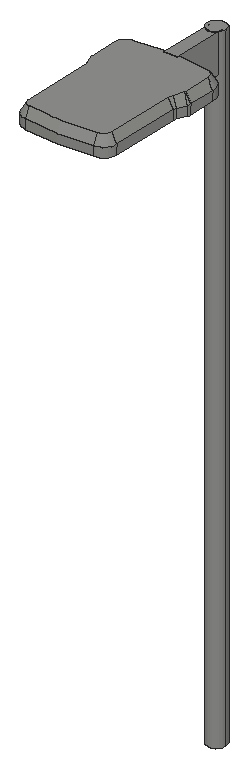
Revit family "VP-4-AD_U", category Lighting Fixtures, host Face, Revit 2019 (continued)
Definition of nested family "SIZE4-ADU"
  Forms (in)
    Extrusion 49, solid, material <- "Glass"
      sketch origin (0.375, 0, -11.375) x (1, 0, 0) y (0, 0, 1)
        loop
          circle (-5.4033, 32.33694) r 0.15
        loop
          circle (-4.88455, 32.33694) r 0.15
        loop
          circle (-4.3658, 32.33694) r 0.15
        loop
          circle (-3.84705, 32.33694) r 0.15
        loop
          circle (-3.32831, 32.33694) r 0.15
        loop
          circle (-7.47829, 31.83694) r 0.15
        loop
          circle (-6.95955, 31.83694) r 0.15
        loop
          circle (-6.4408, 31.83694) r 0.15
        loop
          circle (-5.92205, 31.83694) r 0.15
        loop
          circle (-5.4033, 31.83694) r 0.15
        loop
          circle (-4.88455, 31.83694) r 0.15
        loop
          circle (-4.3658, 31.83694) r 0.15
        loop
          circle (-3.84705, 31.83694) r 0.15
        loop
          circle (-3.32831, 31.83694) r 0.15
        loop
          circle (-7.47829, 31.33694) r 0.15
        loop
          circle (-6.95955, 31.33694) r 0.15
        loop
          circle (-6.4408, 31.33694) r 0.15
        loop
          circle (-5.92205, 31.33694) r 0.15
        loop
          circle (-5.4033, 31.33694) r 0.15
        loop
          circle (-4.88455, 31.33694) r 0.15
        loop
          circle (-4.3658, 31.33694) r 0.15
        loop
          circle (-3.84705, 31.33694) r 0.15
        loop
          circle (-3.32831, 31.33694) r 0.15
        loop
          circle (-7.47829, 30.83694) r 0.15
        loop
          circle (-6.95955, 30.83694) r 0.15
        loop
          circle (-6.4408, 30.83694) r 0.15
        loop
          circle (-5.92205, 30.83694) r 0.15
        loop
          circle (-5.4033, 30.83694) r 0.15
        loop
          circle (-4.88455, 30.83694) r 0.15
        loop
          circle (-4.3658, 30.83694) r 0.15
        loop
          circle (-3.84705, 30.83694) r 0.15
        loop
          circle (-3.32831, 30.83694) r 0.15
        loop
          circle (-7.47829, 30.33694) r 0.15
        loop
          circle (-6.95955, 30.33694) r 0.15
        loop
          circle (-6.4408, 30.33694) r 0.15
        loop
          circle (-5.92205, 30.33694) r 0.15
        loop
          circle (-5.4033, 30.33694) r 0.15
        loop
          circle (-4.88455, 30.33694) r 0.15
        loop
          circle (-4.3658, 30.33694) r 0.15
        loop
          circle (-3.84705, 30.33694) r 0.15
        loop
          circle (-3.32831, 30.33694) r 0.15
        loop
          circle (-7.47829, 29.83694) r 0.15
        loop
          circle (-6.95955, 29.83694) r 0.15
        loop
          circle (-6.4408, 29.83694) r 0.15
        loop
          circle (-5.92205, 29.83694) r 0.15
        loop
          circle (-5.4033, 29.83694) r 0.15
        loop
          circle (-4.88455, 29.83694) r 0.15
        loop
          circle (-4.3658, 29.83694) r 0.15
        loop
          circle (-3.84705, 29.83694) r 0.15
        loop
          circle (-3.32831, 29.83694) r 0.15
        loop
          circle (-7.47829, 29.33694) r 0.15
        loop
          circle (-6.95955, 29.33694) r 0.15
        loop
          circle (-6.4408, 29.33694) r 0.15
        loop
          circle (-5.92205, 29.33694) r 0.15
        loop
          circle (-5.4033, 29.33694) r 0.15
        loop
          circle (-4.88455, 29.33694) r 0.15
        loop
          circle (-4.3658, 29.33694) r 0.15
        loop
          circle (-3.84705, 29.33694) r 0.15
        loop
          circle (-3.32831, 29.33694) r 0.15
        loop
          circle (-7.47829, 28.83694) r 0.15
        loop
          circle (-6.95955, 28.83694) r 0.15
        loop
          circle (-6.4408, 28.83694) r 0.15
        loop
          circle (-5.92205, 28.83694) r 0.15
        loop
          circle (-5.4033, 28.83694) r 0.15
        loop
          circle (-4.88455, 28.83694) r 0.15
        loop
          circle (-4.3658, 28.83694) r 0.15
        loop
          circle (-3.84705, 28.83694) r 0.15
        loop
          circle (-3.32831, 28.83694) r 0.15
        loop
          circle (-7.47829, 28.33694) r 0.15
        loop
          circle (-6.95955, 28.33694) r 0.15
        loop
          circle (-6.4408, 28.33694) r 0.15
        loop
          circle (-5.92205, 28.33694) r 0.15
        loop
          circle (-5.4033, 28.33694) r 0.15
        loop
          circle (-4.88455, 28.33694) r 0.15
        loop
          circle (-4.3658, 28.33694) r 0.15
        loop
          circle (-3.84705, 28.33694) r 0.15
        loop
          circle (-3.32831, 28.33694) r 0.15
      from 1.35 to 1.4
    Extrusion 50, solid, material <- "Glass"
      sketch origin (0, 0, -11.375) x (1, 0, 0) y (0, 0, 1)
        loop
          arc (-7.16655, 32.8409) -> (-7.34333, 32.76768) -> (-7.41655, 32.5909) r 0.25
          line (-7.41655, 32.5909) -> (-7.41655, 28.0909)
          arc (-7.41655, 28.0909) -> (-7.34333, 27.91412) -> (-7.16655, 27.8409) r 0.25
          line (-7.16655, 27.8409) -> (-2.81123, 27.8409)
          arc (-2.81123, 27.8409) -> (-2.63446, 27.91412) -> (-2.56123, 28.0909) r 0.25
          line (-2.56123, 28.0909) -> (-2.56123, 32.5909)
          arc (-2.56123, 32.5909) -> (-2.63446, 32.76768) -> (-2.81123, 32.8409) r 0.25
          line (-2.81123, 32.8409) -> (-7.16655, 32.8409)
      from 1.35 to 1.37213
    Extrusion 51, solid, material <- "Glass"
      sketch origin (-0.375, 0, -11.375) x (-1, 0, 0) y (0, 0, -1)
        loop
          circle (-7.47829, -32.33694) r 0.15
        loop
          circle (-6.95955, -32.33694) r 0.15
        loop
          circle (-6.4408, -32.33694) r 0.15
        loop
          circle (-5.92205, -32.33694) r 0.15
        loop
          circle (-5.4033, -32.33694) r 0.15
        loop
          circle (-4.88455, -32.33694) r 0.15
        loop
          circle (-4.3658, -32.33694) r 0.15
        loop
          circle (-3.84705, -32.33694) r 0.15
        loop
          circle (-3.32831, -32.33694) r 0.15
        loop
          circle (-7.47829, -31.83694) r 0.15
        loop
          circle (-6.95955, -31.83694) r 0.15
        loop
          circle (-6.4408, -31.83694) r 0.15
        loop
          circle (-5.92205, -31.83694) r 0.15
        loop
          circle (-5.4033, -31.83694) r 0.15
        loop
          circle (-4.88455, -31.83694) r 0.15
        loop
          circle (-4.3658, -31.83694) r 0.15
        loop
          circle (-3.84705, -31.83694) r 0.15
        loop
          circle (-3.32831, -31.83694) r 0.15
        loop
          circle (-7.47829, -31.33694) r 0.15
        loop
          circle (-6.95955, -31.33694) r 0.15
        loop
          circle (-6.4408, -31.33694) r 0.15
        loop
          circle (-5.92205, -31.33694) r 0.15
        loop
          circle (-5.4033, -31.33694) r 0.15
        loop
          circle (-4.88455, -31.33694) r 0.15
        loop
          circle (-4.3658, -31.33694) r 0.15
        loop
          circle (-3.84705, -31.33694) r 0.15
        loop
          circle (-3.32831, -31.33694) r 0.15
        loop
          circle (-7.47829, -30.83694) r 0.15
        loop
          circle (-6.95955, -30.83694) r 0.15
        loop
          circle (-6.4408, -30.83694) r 0.15
        loop
          circle (-5.92205, -30.83694) r 0.15
        loop
          circle (-5.4033, -30.83694) r 0.15
        loop
          circle (-4.88455, -30.83694) r 0.15
        loop
          circle (-4.3658, -30.83694) r 0.15
        loop
          circle (-3.84705, -30.83694) r 0.15
        loop
          circle (-3.32831, -30.83694) r 0.15
        loop
          circle (-7.47829, -30.33694) r 0.15
        loop
          circle (-6.95955, -30.33694) r 0.15
        loop
          circle (-6.4408, -30.33694) r 0.15
        loop
          circle (-5.92205, -30.33694) r 0.15
        loop
          circle (-5.4033, -30.33694) r 0.15
        loop
          circle (-4.88455, -30.33694) r 0.15
        loop
          circle (-4.3658, -30.33694) r 0.15
        loop
          circle (-3.84705, -30.33694) r 0.15
        loop
          circle (-3.32831, -30.33694) r 0.15
        loop
          circle (-7.47829, -29.83694) r 0.15
        loop
          circle (-6.95955, -29.83694) r 0.15
        loop
          circle (-6.4408, -29.83694) r 0.15
        loop
          circle (-5.92205, -29.83694) r 0.15
        loop
          circle (-5.4033, -29.83694) r 0.15
        loop
          circle (-4.88455, -29.83694) r 0.15
        loop
          circle (-4.3658, -29.83694) r 0.15
        loop
          circle (-3.84705, -29.83694) r 0.15
        loop
          circle (-3.32831, -29.83694) r 0.15
        loop
          circle (-7.47829, -29.33694) r 0.15
        loop
          circle (-6.95955, -29.33694) r 0.15
        loop
          circle (-6.4408, -29.33694) r 0.15
        loop
          circle (-5.92205, -29.33694) r 0.15
        loop
          circle (-5.4033, -29.33694) r 0.15
        loop
          circle (-4.88455, -29.33694) r 0.15
        loop
          circle (-4.3658, -29.33694) r 0.15
        loop
          circle (-3.84705, -29.33694) r 0.15
        loop
          circle (-3.32831, -29.33694) r 0.15
        loop
          circle (-7.47829, -28.83694) r 0.15
        loop
          circle (-6.95955, -28.83694) r 0.15
        loop
          circle (-6.4408, -28.83694) r 0.15
        loop
          circle (-5.92205, -28.83694) r 0.15
        loop
          circle (-5.4033, -28.83694) r 0.15
        loop
          circle (-4.88455, -28.83694) r 0.15
        loop
          circle (-4.3658, -28.83694) r 0.15
        loop
          circle (-3.84705, -28.83694) r 0.15
        loop
          circle (-3.32831, -28.83694) r 0.15
        loop
          circle (-7.47829, -28.33694) r 0.15
        loop
          circle (-6.95955, -28.33694) r 0.15
        loop
          circle (-6.4408, -28.33694) r 0.15
        loop
          circle (-5.92205, -28.33694) r 0.15
        loop
          circle (-5.4033, -28.33694) r 0.15
        loop
          circle (-4.88455, -28.33694) r 0.15
        loop
          circle (-4.3658, -28.33694) r 0.15
        loop
          circle (-3.84705, -28.33694) r 0.15
        loop
          circle (-3.32831, -28.33694) r 0.15
      from 1.35 to 1.4
    Extrusion 52, solid, material <- "Glass"
      sketch origin (0, 0, -11.375) x (-1, 0, 0) y (0, 0, -1)
        loop
          line (-7.16655, -32.8409) -> (-2.84181, -32.8409)
          arc (-2.84181, -32.8409) -> (-2.66504, -32.76768) -> (-2.59181, -32.5909) r 0.25
          line (-2.59181, -32.5909) -> (-2.59181, -28.0909)
          arc (-2.59181, -28.0909) -> (-2.66504, -27.91412) -> (-2.84181, -27.8409) r 0.25
          line (-2.84181, -27.8409) -> (-7.16655, -27.8409)
          arc (-7.16655, -27.8409) -> (-7.34333, -27.91412) -> (-7.41655, -28.0909) r 0.25
          line (-7.41655, -28.0909) -> (-7.41655, -32.5909)
          arc (-7.41655, -32.5909) -> (-7.34333, -32.76768) -> (-7.16655, -32.8409) r 0.25
      from 1.35 to 1.37213
    Extrusion 53, solid, material <- "Glass"
      sketch origin (-5.375, 0, -11.375) x (-1, 0, 0) y (0, 0, -1)
        loop
          circle (-7.47829, -32.33694) r 0.15
        loop
          circle (-6.95955, -32.33694) r 0.15
        loop
          circle (-6.4408, -32.33694) r 0.15
        loop
          circle (-5.92205, -32.33694) r 0.15
        loop
          circle (-5.4033, -32.33694) r 0.15
        loop
          circle (-4.88455, -32.33694) r 0.15
        loop
          circle (-4.3658, -32.33694) r 0.15
        loop
          circle (-3.84705, -32.33694) r 0.15
        loop
          circle (-3.32831, -32.33694) r 0.15
        loop
          circle (-7.47829, -31.83694) r 0.15
        loop
          circle (-6.95955, -31.83694) r 0.15
        loop
          circle (-6.4408, -31.83694) r 0.15
        loop
          circle (-5.92205, -31.83694) r 0.15
        loop
          circle (-5.4033, -31.83694) r 0.15
        loop
          circle (-4.88455, -31.83694) r 0.15
        loop
          circle (-4.3658, -31.83694) r 0.15
        loop
          circle (-3.84705, -31.83694) r 0.15
        loop
          circle (-3.32831, -31.83694) r 0.15
        loop
          circle (-7.47829, -31.33694) r 0.15
        loop
          circle (-6.95955, -31.33694) r 0.15
        loop
          circle (-6.4408, -31.33694) r 0.15
        loop
          circle (-5.92205, -31.33694) r 0.15
        loop
          circle (-5.4033, -31.33694) r 0.15
        loop
          circle (-4.88455, -31.33694) r 0.15
        loop
          circle (-4.3658, -31.33694) r 0.15
        loop
          circle (-3.84705, -31.33694) r 0.15
        loop
          circle (-3.32831, -31.33694) r 0.15
        loop
          circle (-7.47829, -30.83694) r 0.15
        loop
          circle (-6.95955, -30.83694) r 0.15
        loop
          circle (-6.4408, -30.83694) r 0.15
        loop
          circle (-5.92205, -30.83694) r 0.15
        loop
          circle (-5.4033, -30.83694) r 0.15
        loop
          circle (-4.88455, -30.83694) r 0.15
        loop
          circle (-4.3658, -30.83694) r 0.15
        loop
          circle (-3.84705, -30.83694) r 0.15
        loop
          circle (-3.32831, -30.83694) r 0.15
        loop
          circle (-7.47829, -30.33694) r 0.15
        loop
          circle (-6.95955, -30.33694) r 0.15
        loop
          circle (-6.4408, -30.33694) r 0.15
        loop
          circle (-5.92205, -30.33694) r 0.15
        loop
          circle (-5.4033, -30.33694) r 0.15
        loop
          circle (-4.88455, -30.33694) r 0.15
        loop
          circle (-4.3658, -30.33694) r 0.15
        loop
          circle (-3.84705, -30.33694) r 0.15
        loop
          circle (-3.32831, -30.33694) r 0.15
        loop
          circle (-7.47829, -29.83694) r 0.15
        loop
          circle (-6.95955, -29.83694) r 0.15
        loop
          circle (-6.4408, -29.83694) r 0.15
        loop
          circle (-5.92205, -29.83694) r 0.15
        loop
          circle (-5.4033, -29.83694) r 0.15
        loop
          circle (-4.88455, -29.83694) r 0.15
        loop
          circle (-4.3658, -29.83694) r 0.15
        loop
          circle (-3.84705, -29.83694) r 0.15
        loop
          circle (-3.32831, -29.83694) r 0.15
        loop
          circle (-7.47829, -29.33694) r 0.15
        loop
          circle (-6.95955, -29.33694) r 0.15
        loop
          circle (-6.4408, -29.33694) r 0.15
        loop
          circle (-5.92205, -29.33694) r 0.15
        loop
          circle (-5.4033, -29.33694) r 0.15
        loop
          circle (-4.88455, -29.33694) r 0.15
        loop
          circle (-4.3658, -29.33694) r 0.15
        loop
          circle (-3.84705, -29.33694) r 0.15
        loop
          circle (-3.32831, -29.33694) r 0.15
        loop
          circle (-7.47829, -28.83694) r 0.15
        loop
          circle (-6.95955, -28.83694) r 0.15
        loop
          circle (-6.4408, -28.83694) r 0.15
        loop
          circle (-5.92205, -28.83694) r 0.15
        loop
          circle (-5.4033, -28.83694) r 0.15
        loop
          circle (-4.88455, -28.83694) r 0.15
        loop
          circle (-4.3658, -28.83694) r 0.15
        loop
          circle (-3.84705, -28.83694) r 0.15
        loop
          circle (-3.32831, -28.83694) r 0.15
        loop
          circle (-7.47829, -28.33694) r 0.15
        loop
          circle (-6.95955, -28.33694) r 0.15
        loop
          circle (-6.4408, -28.33694) r 0.15
        loop
          circle (-5.92205, -28.33694) r 0.15
        loop
          circle (-5.4033, -28.33694) r 0.15
        loop
          circle (-4.88455, -28.33694) r 0.15
        loop
          circle (-4.3658, -28.33694) r 0.15
        loop
          circle (-3.84705, -28.33694) r 0.15
        loop
          circle (-3.32831, -28.33694) r 0.15
      from 1.35 to 1.4
    Extrusion 54, solid, material <- "Glass"
      sketch origin (-5, 0, -11.375) x (-1, 0, 0) y (0, 0, -1)
        loop
          line (-7.16655, -32.8409) -> (-2.84181, -32.8409)
          arc (-2.84181, -32.8409) -> (-2.66504, -32.76768) -> (-2.59181, -32.5909) r 0.25
          line (-2.59181, -32.5909) -> (-2.59181, -28.0909)
          arc (-2.59181, -28.0909) -> (-2.66504, -27.91412) -> (-2.84181, -27.8409) r 0.25
          line (-2.84181, -27.8409) -> (-7.16655, -27.8409)
          arc (-7.16655, -27.8409) -> (-7.34333, -27.91412) -> (-7.41655, -28.0909) r 0.25
          line (-7.41655, -28.0909) -> (-7.41655, -32.5909)
          arc (-7.41655, -32.5909) -> (-7.34333, -32.76768) -> (-7.16655, -32.8409) r 0.25
      from 1.35 to 1.37213
    Extrusion 55, solid, material <- "Fixture"
      sketch origin (0.125, 0, 2.5) x (1, 0, 0) y (0, 0, 1)
        loop
          arc (8.61601, 29.87811) -> (7.91353, 31.61742) -> (6.20018, 32.38102) r 2.50448
          arc (6.20018, 32.38102) -> (-0.18326, 32.81078) -> (-6.56625, 32.37421) r 47.24839
          arc (-6.56625, 32.37421) -> (-8.20342, 31.57512) -> (-8.86601, 29.87811) r 2.50448
          line (-8.86601, 29.87811) -> (-8.86601, 16.83541)
          arc (-8.86601, 16.83541) -> (-8.89448, 16.52871) -> (-8.97892, 16.2325) r 1.66606
          line (-8.97892, 16.2325) -> (-9.6766, 14.43524)
          arc (-9.6766, 14.43524) -> (-9.74427, 14.21755) -> (-9.78142, 13.99263) r 1.65645
          line (-9.78142, 13.99263) -> (-9.78142, 8.65741)
          arc (-9.78142, 8.65741) -> (-8.97209, 6.60779) -> (-6.98078, 5.66404) r 3
          arc (-6.98078, 5.66404) -> (0.01001, 4.99965) -> (7.00057, 5.66642) r 37.04471
          arc (7.00057, 5.66642) -> (8.81758, 6.67941) -> (9.53886, 8.63067) r 3
          line (9.53886, 8.63067) -> (9.53886, 13.83581)
          arc (9.53886, 13.83581) -> (9.51055, 14.14073) -> (9.4266, 14.43524) r 1.65645
          line (9.4266, 14.43524) -> (8.72892, 16.2325)
          arc (8.72892, 16.2325) -> (8.64448, 16.52871) -> (8.61601, 16.83541) r 1.66606
          line (8.61601, 16.83541) -> (8.61601, 29.87811)
      from 0 to 1.74
    Blend 56, solid, material <- "Fixture"
      base sketch origin (0, 0, 0) x (1, 0, 0) y (0, 0, 1)
        loop
          arc (-9.5516, 16.93524) -> (-9.61927, 16.71755) -> (-9.65642, 16.49263) r 1.65645
          line (-9.65642, 16.49263) -> (-9.65642, 11.15741)
          arc (-9.65642, 11.15741) -> (-8.84709, 9.10779) -> (-6.85578, 8.16404) r 3
          arc (-6.85578, 8.16404) -> (0.13501, 7.49965) -> (7.12557, 8.16642) r 37.04471
          arc (7.12557, 8.16642) -> (8.94258, 9.17941) -> (9.66386, 11.13067) r 3
          line (9.66386, 11.13067) -> (9.66386, 16.33581)
          arc (9.66386, 16.33581) -> (9.63555, 16.64073) -> (9.5516, 16.93524) r 1.65645
          line (9.5516, 16.93524) -> (8.85392, 18.7325)
          arc (8.85392, 18.7325) -> (8.76948, 19.02871) -> (8.74101, 19.33541) r 1.66606
          line (8.74101, 19.33541) -> (8.74101, 32.37811)
          arc (8.74101, 32.37811) -> (8.03853, 34.11742) -> (6.32518, 34.88102) r 2.50448
          arc (6.32518, 34.88102) -> (-0.05826, 35.31078) -> (-6.44125, 34.87421) r 47.24839
          arc (-6.44125, 34.87421) -> (-8.07842, 34.07512) -> (-8.74101, 32.37811) r 2.50448
          line (-8.74101, 32.37811) -> (-8.74101, 19.33541)
          arc (-8.74101, 19.33541) -> (-8.76948, 19.02871) -> (-8.85392, 18.7325) r 1.66606
          line (-8.85392, 18.7325) -> (-9.5516, 16.93524)
      top sketch origin (0, 0, 0) x (1, 0, 0) y (0, 0, 1)
        loop
          line (-8.65642, 16.43436) -> (-8.65642, 11.15741)
          arc (-8.65642, 11.15741) -> (-8.09764, 9.77073) -> (-6.73353, 9.1589) r 2
          arc (-6.73353, 9.1589) -> (0.1108, 8.49965) -> (6.95577, 9.15209) r 36.04471
          arc (6.95577, 9.15209) -> (8.17777, 9.82373) -> (8.66386, 11.13067) r 2
          line (8.66386, 11.13067) -> (8.66386, 16.33581)
          arc (8.66386, 16.33581) -> (8.65264, 16.45665) -> (8.61937, 16.57336) r 0.65645
          line (8.61937, 16.57336) -> (7.9217, 18.37062)
          arc (7.9217, 18.37062) -> (7.78657, 18.84463) -> (7.74101, 19.33541) r 2.66606
          line (7.74101, 19.33541) -> (7.74101, 32.37811)
          arc (7.74101, 32.37811) -> (7.3037, 33.43858) -> (6.246, 33.88256) r 1.50448
          arc (6.246, 33.88256) -> (-0.04498, 34.31079) -> (-6.33575, 33.87932) r 46.24839
          arc (-6.33575, 33.87932) -> (-7.33487, 33.40626) -> (-7.74101, 32.37811) r 1.50448
          line (-7.74101, 32.37811) -> (-7.74101, 19.33541)
          arc (-7.74101, 19.33541) -> (-7.78657, 18.84463) -> (-7.9217, 18.37062) r 2.66606
          line (-7.9217, 18.37062) -> (-8.61937, 16.57336)
          arc (-8.61937, 16.57336) -> (-8.64172, 16.50488) -> (-8.65642, 16.43436) r 0.65645
      from 0 to -1.74
    Extrusion 57, solid, material <- "Fixture"
      sketch origin (0, 0, 0) x (0, 1, 0) y (0, 0, 1)
        loop
          line (1.74, 8.94049) -> (-1.74, 8.94049) -> (-1.74, 5.73801)
          arc (-1.74, 5.73801) -> (-1.91356, 4.61037) -> (-2.41818, 3.5871) r 3.75
          line (-2.41818, 3.5871) -> (-5.31007, 1.22439)
          arc (-5.31007, 1.22439) -> (-5.39997, 1.10958) -> (-5.432, 0.96732) r 0.33196
          line (-5.432, 0.96732) -> (-5.432, -1.406) -> (-2.86955, -1.406) -> (1.74, -1.406) -> (1.74, 8.94049)
      from -1.24 to 1.24
  Cuts and joins
    Extrusion 2, Extrusion 40 cuts Extrusion 55
    joined: Extrusion 55, Extrusion 57
  Dimensions and locks (in)
    equal spacing: plane 4, plane 3 "Center (Left/Right)", plane 5
    "Width": plane 4 to plane 5
    "Length": plane 7 to plane 6
    "Mount Length": plane 6 to plane 2
    aligned and locked: plane 2 to Extrusion 1
    aligned and locked: level to Extrusion 1
  Automatic sketch dimensions
    Extrusion 1 sketch curve to Extrusion 1 sketch curve = 96.00"  (x2)
    plane 5 to Extrusion 2 sketch curve = 1.40392"
    plane 3 "Center (Left/Right)" to Extrusion 2 sketch curve = 0.06506"
    Extrusion 2 sketch curve to plane 4 = 1.25"
    Extrusion 2 sketch curve to level = 39.4018"
    plane 6 to Extrusion 2 sketch curve = 7.65635"
    Extrusion 2 sketch curve to plane 7 = 2.31818"
    plane 5 to Extrusion 3 sketch curve = 2.15013"
    Extrusion 3 sketch curve to Extrusion 3 sketch curve = 0.35"  (x3)
    Extrusion 3 sketch curve to plane 4 = 2.50013"  (x2)
    Extrusion 3 sketch curve to plane 7 = 8.31818"
    Extrusion 3 sketch curve to plane 7 = 3.16818"
    plane 5 to Extrusion 4 sketch curve = 2.70671"
    Extrusion 4 sketch curve to Extrusion 4 sketch curve = 0.00"  (x61)
    Extrusion 4 sketch curve to Extrusion 4 sketch curve = 0.51875"  (x27)
    Extrusion 4 sketch curve to plane 7 = 7.51806"
    Extrusion 4 sketch curve to Extrusion 4 sketch curve = 0.50"  (x72)
    plane 5 to Extrusion 5 sketch curve = 2.39345"
    Extrusion 5 sketch curve to Extrusion 5 sketch curve = 0.25"  (x3)
    Extrusion 5 sketch curve to plane 3 "Center (Left/Right)" = 2.81123"  (x2)
    Extrusion 5 sketch curve to plane 7 = 8.0141"
    Extrusion 5 sketch curve to plane 7 = 3.2641"
    Extrusion 6 sketch curve to plane 4 = 2.12307"
    Extrusion 6 sketch curve to plane 8 = 0.46661"
    Extrusion 6 sketch curve to Extrusion 6 sketch curve = 0.02618"
    Extrusion 6 sketch curve to Extrusion 6 sketch curve = 0.1119"
    Extrusion 6 sketch curve to plane 8 = 0.03691"
    Extrusion 6 sketch curve to Extrusion 6 sketch curve = 0.36056"
    Extrusion 6 sketch curve to plane 8 = 0.00781"
    Extrusion 6 sketch curve to Extrusion 6 sketch curve = 0.06241"
    Extrusion 6 sketch curve to Extrusion 6 sketch curve = 0.42393"
    Extrusion 6 sketch curve to Extrusion 6 sketch curve = 0.73219"
    plane 4 to Extrusion 7 sketch curve = 2.70671"
    Extrusion 7 sketch curve to Extrusion 7 sketch curve = 0.00"  (x61)
    Extrusion 7 sketch curve to Extrusion 7 sketch curve = 0.51875"  (x27)
    plane 7 to Extrusion 7 sketch curve = 7.51806"
    Extrusion 7 sketch curve to Extrusion 7 sketch curve = 0.50"  (x72)
    plane 4 to Extrusion 8 sketch curve = 2.39345"
    Extrusion 8 sketch curve to Extrusion 8 sketch curve = 0.25"  (x3)
    Extrusion 8 sketch curve to plane 3 "Center (Left/Right)" = 2.84181"  (x2)
    plane 7 to Extrusion 8 sketch curve = 8.0141"
    plane 7 to Extrusion 8 sketch curve = 3.2641"
    plane 5 to Extrusion 9 sketch curve = 2.15013"
    Extrusion 9 sketch curve to Extrusion 9 sketch curve = 0.35"  (x3)
    Extrusion 9 sketch curve to plane 4 = 2.50013"  (x2)
    Extrusion 9 sketch curve to plane 7 = 13.81818"
    Extrusion 9 sketch curve to Extrusion 9 sketch curve = 4.80"
    Extrusion 10 sketch curve to plane 5 = 2.15013"
    Extrusion 10 sketch curve to Extrusion 10 sketch curve = 0.35"  (x3)
    plane 4 to Extrusion 10 sketch curve = 2.50013"  (x2)
    plane 7 to Extrusion 10 sketch curve = 13.81818"
    Extrusion 10 sketch curve to Extrusion 10 sketch curve = 4.80"
    Extrusion 11 sketch curve to plane 4 = 2.12307"
    Extrusion 11 sketch curve to plane 8 = 0.46661"
    Extrusion 11 sketch curve to Extrusion 11 sketch curve = 0.02618"
    Extrusion 11 sketch curve to Extrusion 11 sketch curve = 0.1119"
    Extrusion 11 sketch curve to plane 8 = 0.03691"
    Extrusion 11 sketch curve to Extrusion 11 sketch curve = 0.36056"
    Extrusion 11 sketch curve to plane 8 = 0.00781"
    Extrusion 11 sketch curve to Extrusion 11 sketch curve = 0.06241"
    Extrusion 11 sketch curve to Extrusion 11 sketch curve = 0.42393"
    Extrusion 11 sketch curve to Extrusion 11 sketch curve = 0.73219"
    Extrusion 12 sketch curve to plane 4 = 2.12307"
    Extrusion 12 sketch curve to plane 8 = 0.46661"
    Extrusion 12 sketch curve to Extrusion 12 sketch curve = 0.02618"
    Extrusion 12 sketch curve to Extrusion 12 sketch curve = 0.1119"
    Extrusion 12 sketch curve to plane 8 = 0.03691"
    Extrusion 12 sketch curve to Extrusion 12 sketch curve = 0.36056"
    Extrusion 12 sketch curve to plane 8 = 0.00781"
    Extrusion 12 sketch curve to Extrusion 12 sketch curve = 0.06241"
    Extrusion 12 sketch curve to Extrusion 12 sketch curve = 0.42393"
    Extrusion 12 sketch curve to Extrusion 12 sketch curve = 0.73219"
    Extrusion 13 sketch curve to plane 4 = 2.12307"
    Extrusion 13 sketch curve to plane 8 = 0.46661"
    Extrusion 13 sketch curve to Extrusion 13 sketch curve = 0.02618"
    Extrusion 13 sketch curve to Extrusion 13 sketch curve = 0.08572"
    Extrusion 13 sketch curve to plane 8 = 0.03691"
    Extrusion 13 sketch curve to Extrusion 13 sketch curve = 0.36056"
    Extrusion 13 sketch curve to plane 8 = 0.00781"
    Extrusion 13 sketch curve to Extrusion 13 sketch curve = 0.06241"
    Extrusion 13 sketch curve to Extrusion 13 sketch curve = 0.42393"
    Extrusion 13 sketch curve to Extrusion 13 sketch curve = 0.73219"
    Extrusion 14 sketch curve to plane 4 = 2.12307"
    Extrusion 14 sketch curve to plane 8 = 0.46661"
    Extrusion 14 sketch curve to Extrusion 14 sketch curve = 0.02618"
    Extrusion 14 sketch curve to Extrusion 14 sketch curve = 0.1119"
    Extrusion 14 sketch curve to plane 8 = 0.03691"
    Extrusion 14 sketch curve to Extrusion 14 sketch curve = 0.36056"
    Extrusion 14 sketch curve to plane 8 = 0.00781"
    Extrusion 14 sketch curve to Extrusion 14 sketch curve = 0.06241"
    Extrusion 14 sketch curve to Extrusion 14 sketch curve = 0.42393"
    Extrusion 14 sketch curve to Extrusion 14 sketch curve = 0.73219"
    Extrusion 15 sketch curve to plane 4 = 2.12307"
    Extrusion 15 sketch curve to plane 8 = 0.46661"
    Extrusion 15 sketch curve to Extrusion 15 sketch curve = 0.02618"
    Extrusion 15 sketch curve to Extrusion 15 sketch curve = 0.1119"
    Extrusion 15 sketch curve to plane 8 = 0.03691"
    Extrusion 15 sketch curve to Extrusion 15 sketch curve = 0.36056"
    Extrusion 15 sketch curve to plane 8 = 0.00781"
    Extrusion 15 sketch curve to Extrusion 15 sketch curve = 0.06241"
    Extrusion 15 sketch curve to Extrusion 15 sketch curve = 0.42393"
    Extrusion 15 sketch curve to Extrusion 15 sketch curve = 0.73219"
    Extrusion 16 sketch curve to plane 4 = 2.12307"
    Extrusion 16 sketch curve to plane 8 = 0.46661"
    Extrusion 16 sketch curve to Extrusion 16 sketch curve = 0.02618"
    Extrusion 16 sketch curve to Extrusion 16 sketch curve = 0.1119"
    Extrusion 16 sketch curve to plane 8 = 0.03691"
    Extrusion 16 sketch curve to Extrusion 16 sketch curve = 0.36056"
    Extrusion 16 sketch curve to plane 8 = 0.00781"
    Extrusion 16 sketch curve to Extrusion 16 sketch curve = 0.06241"
    Extrusion 16 sketch curve to Extrusion 16 sketch curve = 0.42393"
    Extrusion 16 sketch curve to Extrusion 16 sketch curve = 0.73219"
    Extrusion 17 sketch curve to plane 4 = 2.12307"
    Extrusion 17 sketch curve to plane 8 = 0.46661"
    Extrusion 17 sketch curve to Extrusion 17 sketch curve = 0.02618"
    Extrusion 17 sketch curve to Extrusion 17 sketch curve = 0.1119"
    Extrusion 17 sketch curve to plane 8 = 0.03691"
    Extrusion 17 sketch curve to Extrusion 17 sketch curve = 0.36056"
    Extrusion 17 sketch curve to plane 8 = 0.00781"
    Extrusion 17 sketch curve to Extrusion 17 sketch curve = 0.06241"
    Extrusion 17 sketch curve to Extrusion 17 sketch curve = 0.42393"
    Extrusion 17 sketch curve to Extrusion 17 sketch curve = 0.73219"
    Extrusion 18 sketch curve to plane 4 = 2.12307"
    Extrusion 18 sketch curve to plane 8 = 0.46661"
    Extrusion 18 sketch curve to Extrusion 18 sketch curve = 0.02618"
    Extrusion 18 sketch curve to Extrusion 18 sketch curve = 0.1119"
    Extrusion 18 sketch curve to plane 8 = 0.03691"
    Extrusion 18 sketch curve to Extrusion 18 sketch curve = 0.36056"
    Extrusion 18 sketch curve to plane 8 = 0.00781"
    Extrusion 18 sketch curve to Extrusion 18 sketch curve = 0.06241"
    Extrusion 18 sketch curve to Extrusion 18 sketch curve = 0.42393"
    Extrusion 18 sketch curve to Extrusion 18 sketch curve = 0.73219"
    Extrusion 19 sketch curve to plane 4 = 2.12307"
    Extrusion 19 sketch curve to plane 8 = 0.46661"
    Extrusion 19 sketch curve to Extrusion 19 sketch curve = 0.02618"
    Extrusion 19 sketch curve to Extrusion 19 sketch curve = 0.1119"
    Extrusion 19 sketch curve to plane 8 = 0.03691"
    Extrusion 19 sketch curve to Extrusion 19 sketch curve = 0.36056"
    Extrusion 19 sketch curve to plane 8 = 0.00781"
    Extrusion 19 sketch curve to Extrusion 19 sketch curve = 0.06241"
    Extrusion 19 sketch curve to Extrusion 19 sketch curve = 0.42393"
    Extrusion 19 sketch curve to Extrusion 19 sketch curve = 0.73219"
    Extrusion 20 sketch curve to plane 4 = 2.12307"
    Extrusion 20 sketch curve to plane 8 = 0.46661"
    Extrusion 20 sketch curve to Extrusion 20 sketch curve = 0.02618"
    Extrusion 20 sketch curve to Extrusion 20 sketch curve = 0.1119"
    Extrusion 20 sketch curve to plane 8 = 0.03691"
    Extrusion 20 sketch curve to Extrusion 20 sketch curve = 0.36056"
    Extrusion 20 sketch curve to plane 8 = 0.00781"
    Extrusion 20 sketch curve to Extrusion 20 sketch curve = 0.06241"
    Extrusion 20 sketch curve to Extrusion 20 sketch curve = 0.42393"
    Extrusion 20 sketch curve to Extrusion 20 sketch curve = 0.73219"
    Extrusion 21 sketch curve to plane 4 = 2.12307"
    Extrusion 21 sketch curve to plane 8 = 0.46661"
    Extrusion 21 sketch curve to Extrusion 21 sketch curve = 0.02618"
    Extrusion 21 sketch curve to Extrusion 21 sketch curve = 0.08572"
    Extrusion 21 sketch curve to plane 8 = 0.03691"
    Extrusion 21 sketch curve to Extrusion 21 sketch curve = 0.36056"
    Extrusion 21 sketch curve to plane 8 = 0.00781"
    Extrusion 21 sketch curve to Extrusion 21 sketch curve = 0.06241"
    Extrusion 21 sketch curve to Extrusion 21 sketch curve = 0.42393"
    Extrusion 21 sketch curve to Extrusion 21 sketch curve = 0.73219"
    Extrusion 22 sketch curve to plane 4 = 2.12307"
    Extrusion 22 sketch curve to plane 8 = 0.46661"
    Extrusion 22 sketch curve to Extrusion 22 sketch curve = 0.02618"
    Extrusion 22 sketch curve to Extrusion 22 sketch curve = 0.1119"
    Extrusion 22 sketch curve to plane 8 = 0.03691"
    Extrusion 22 sketch curve to Extrusion 22 sketch curve = 0.36056"
    Extrusion 22 sketch curve to plane 8 = 0.00781"
    Extrusion 22 sketch curve to Extrusion 22 sketch curve = 0.06241"
    Extrusion 22 sketch curve to Extrusion 22 sketch curve = 0.42393"
    Extrusion 22 sketch curve to Extrusion 22 sketch curve = 0.73219"
    Extrusion 23 sketch curve to plane 4 = 2.12307"
    Extrusion 23 sketch curve to plane 8 = 0.46661"
    Extrusion 23 sketch curve to Extrusion 23 sketch curve = 0.02618"
    Extrusion 23 sketch curve to Extrusion 23 sketch curve = 0.08572"
    Extrusion 23 sketch curve to plane 8 = 0.03691"
    Extrusion 23 sketch curve to Extrusion 23 sketch curve = 0.36056"
    Extrusion 23 sketch curve to plane 8 = 0.00781"
    Extrusion 23 sketch curve to Extrusion 23 sketch curve = 0.06241"
    Extrusion 23 sketch curve to Extrusion 23 sketch curve = 0.42393"
    Extrusion 23 sketch curve to Extrusion 23 sketch curve = 0.73219"
    Extrusion 24 sketch curve to plane 4 = 2.12307"
    Extrusion 24 sketch curve to plane 8 = 0.46661"
    Extrusion 24 sketch curve to Extrusion 24 sketch curve = 0.02618"
    Extrusion 24 sketch curve to Extrusion 24 sketch curve = 0.1119"
    Extrusion 24 sketch curve to plane 8 = 0.03691"
    Extrusion 24 sketch curve to Extrusion 24 sketch curve = 0.36056"
    Extrusion 24 sketch curve to plane 8 = 0.00781"
    Extrusion 24 sketch curve to Extrusion 24 sketch curve = 0.06241"
    Extrusion 24 sketch curve to Extrusion 24 sketch curve = 0.42393"
    Extrusion 24 sketch curve to Extrusion 24 sketch curve = 0.73219"
    plane 5 to Extrusion 25 sketch curve = 2.2012"
    Extrusion 25 sketch curve to plane 8 = 0.46661"
    Extrusion 25 sketch curve to Extrusion 25 sketch curve = 0.02618"
    Extrusion 25 sketch curve to Extrusion 25 sketch curve = 0.1119"
    Extrusion 25 sketch curve to plane 8 = 0.03691"
    Extrusion 25 sketch curve to Extrusion 25 sketch curve = 0.36056"
    Extrusion 25 sketch curve to plane 8 = 0.00781"
    Extrusion 25 sketch curve to Extrusion 25 sketch curve = 0.06241"
    Extrusion 25 sketch curve to Extrusion 25 sketch curve = 0.42393"
    Extrusion 25 sketch curve to Extrusion 25 sketch curve = 0.20146"
    plane 5 to Extrusion 26 sketch curve = 2.2012"
    Extrusion 26 sketch curve to plane 8 = 0.46661"
    Extrusion 26 sketch curve to Extrusion 26 sketch curve = 0.02618"
    Extrusion 26 sketch curve to Extrusion 26 sketch curve = 0.08572"
    Extrusion 26 sketch curve to plane 8 = 0.03691"
    Extrusion 26 sketch curve to Extrusion 26 sketch curve = 0.36056"
    Extrusion 26 sketch curve to plane 8 = 0.00781"
    Extrusion 26 sketch curve to Extrusion 26 sketch curve = 0.06241"
    Extrusion 26 sketch curve to Extrusion 26 sketch curve = 0.42393"
    Extrusion 26 sketch curve to Extrusion 26 sketch curve = 0.20146"
    plane 5 to Extrusion 27 sketch curve = 2.2012"
    Extrusion 27 sketch curve to plane 8 = 0.46661"
    Extrusion 27 sketch curve to Extrusion 27 sketch curve = 0.02618"
    Extrusion 27 sketch curve to Extrusion 27 sketch curve = 0.08572"
    Extrusion 27 sketch curve to plane 8 = 0.03691"
    Extrusion 27 sketch curve to Extrusion 27 sketch curve = 0.36056"
    Extrusion 27 sketch curve to plane 8 = 0.00781"
    Extrusion 27 sketch curve to Extrusion 27 sketch curve = 0.06241"
    Extrusion 27 sketch curve to Extrusion 27 sketch curve = 0.42393"
    Extrusion 27 sketch curve to Extrusion 27 sketch curve = 0.20146"
    plane 5 to Extrusion 28 sketch curve = 2.2012"
    Extrusion 28 sketch curve to plane 8 = 0.46661"
    Extrusion 28 sketch curve to Extrusion 28 sketch curve = 0.02618"
    Extrusion 28 sketch curve to Extrusion 28 sketch curve = 0.1119"
    Extrusion 28 sketch curve to plane 8 = 0.03691"
    Extrusion 28 sketch curve to Extrusion 28 sketch curve = 0.36056"
    Extrusion 28 sketch curve to plane 8 = 0.00781"
    Extrusion 28 sketch curve to Extrusion 28 sketch curve = 0.06241"
    Extrusion 28 sketch curve to Extrusion 28 sketch curve = 0.42393"
    Extrusion 28 sketch curve to Extrusion 28 sketch curve = 0.20146"
    plane 5 to Extrusion 29 sketch curve = 2.2012"
    Extrusion 29 sketch curve to plane 8 = 0.46661"
    Extrusion 29 sketch curve to Extrusion 29 sketch curve = 0.02618"
    Extrusion 29 sketch curve to Extrusion 29 sketch curve = 0.1119"
    Extrusion 29 sketch curve to plane 8 = 0.03691"
    Extrusion 29 sketch curve to Extrusion 29 sketch curve = 0.36056"
    Extrusion 29 sketch curve to plane 8 = 0.00781"
    Extrusion 29 sketch curve to Extrusion 29 sketch curve = 0.06241"
    Extrusion 29 sketch curve to Extrusion 29 sketch curve = 0.42393"
    Extrusion 29 sketch curve to Extrusion 29 sketch curve = 0.20146"
    plane 5 to Extrusion 30 sketch curve = 2.2012"
    Extrusion 30 sketch curve to plane 8 = 0.46661"
    Extrusion 30 sketch curve to Extrusion 30 sketch curve = 0.02618"
    Extrusion 30 sketch curve to Extrusion 30 sketch curve = 0.1119"
    Extrusion 30 sketch curve to plane 8 = 0.03691"
    Extrusion 30 sketch curve to Extrusion 30 sketch curve = 0.36056"
    Extrusion 30 sketch curve to plane 8 = 0.00781"
    Extrusion 30 sketch curve to Extrusion 30 sketch curve = 0.06241"
    Extrusion 30 sketch curve to Extrusion 30 sketch curve = 0.42393"
    Extrusion 30 sketch curve to Extrusion 30 sketch curve = 0.20146"
    plane 5 to Extrusion 31 sketch curve = 2.2012"
    Extrusion 31 sketch curve to plane 8 = 0.46661"
    Extrusion 31 sketch curve to Extrusion 31 sketch curve = 0.02618"
    Extrusion 31 sketch curve to Extrusion 31 sketch curve = 0.1119"
    Extrusion 31 sketch curve to plane 8 = 0.03691"
    Extrusion 31 sketch curve to Extrusion 31 sketch curve = 0.36056"
    Extrusion 31 sketch curve to plane 8 = 0.00781"
    Extrusion 31 sketch curve to Extrusion 31 sketch curve = 0.06241"
    Extrusion 31 sketch curve to Extrusion 31 sketch curve = 0.42393"
    Extrusion 31 sketch curve to Extrusion 31 sketch curve = 0.20146"
    plane 5 to Extrusion 32 sketch curve = 2.2012"
    Extrusion 32 sketch curve to plane 8 = 0.46661"
    Extrusion 32 sketch curve to Extrusion 32 sketch curve = 0.02618"
    Extrusion 32 sketch curve to Extrusion 32 sketch curve = 0.08572"
    Extrusion 32 sketch curve to plane 8 = 0.03691"
    Extrusion 32 sketch curve to Extrusion 32 sketch curve = 0.36056"
    Extrusion 32 sketch curve to plane 8 = 0.00781"
    Extrusion 32 sketch curve to Extrusion 32 sketch curve = 0.06241"
    Extrusion 32 sketch curve to Extrusion 32 sketch curve = 0.42393"
    Extrusion 32 sketch curve to Extrusion 32 sketch curve = 0.20146"
    plane 5 to Extrusion 33 sketch curve = 2.2012"
    Extrusion 33 sketch curve to plane 8 = 0.46661"
    Extrusion 33 sketch curve to Extrusion 33 sketch curve = 0.02618"
    Extrusion 33 sketch curve to Extrusion 33 sketch curve = 0.1119"
    Extrusion 33 sketch curve to plane 8 = 0.03691"
    Extrusion 33 sketch curve to Extrusion 33 sketch curve = 0.36056"
    Extrusion 33 sketch curve to plane 8 = 0.00781"
    Extrusion 33 sketch curve to Extrusion 33 sketch curve = 0.06241"
    Extrusion 33 sketch curve to Extrusion 33 sketch curve = 0.42393"
    Extrusion 33 sketch curve to Extrusion 33 sketch curve = 0.20146"
    plane 5 to Extrusion 34 sketch curve = 2.2012"
    Extrusion 34 sketch curve to plane 8 = 0.46661"
    Extrusion 34 sketch curve to Extrusion 34 sketch curve = 0.02618"
    Extrusion 34 sketch curve to Extrusion 34 sketch curve = 0.08572"
    Extrusion 34 sketch curve to plane 8 = 0.03691"
    Extrusion 34 sketch curve to Extrusion 34 sketch curve = 0.36056"
    Extrusion 34 sketch curve to plane 8 = 0.00781"
    Extrusion 34 sketch curve to Extrusion 34 sketch curve = 0.06241"
    Extrusion 34 sketch curve to Extrusion 34 sketch curve = 0.42393"
    Extrusion 34 sketch curve to Extrusion 34 sketch curve = 0.20146"
    plane 5 to Extrusion 35 sketch curve = 2.2012"
    Extrusion 35 sketch curve to plane 8 = 0.46661"
    Extrusion 35 sketch curve to Extrusion 35 sketch curve = 0.02618"
    Extrusion 35 sketch curve to Extrusion 35 sketch curve = 0.1119"
    Extrusion 35 sketch curve to plane 8 = 0.03691"
    Extrusion 35 sketch curve to Extrusion 35 sketch curve = 0.36056"
    Extrusion 35 sketch curve to plane 8 = 0.00781"
    Extrusion 35 sketch curve to Extrusion 35 sketch curve = 0.06241"
    Extrusion 35 sketch curve to Extrusion 35 sketch curve = 0.42393"
    Extrusion 35 sketch curve to Extrusion 35 sketch curve = 0.20146"
    plane 5 to Extrusion 36 sketch curve = 2.2012"
    Extrusion 36 sketch curve to plane 8 = 0.46661"
    Extrusion 36 sketch curve to Extrusion 36 sketch curve = 0.02618"
    Extrusion 36 sketch curve to Extrusion 36 sketch curve = 0.1119"
    Extrusion 36 sketch curve to plane 8 = 0.03691"
    Extrusion 36 sketch curve to Extrusion 36 sketch curve = 0.36056"
    Extrusion 36 sketch curve to plane 8 = 0.00781"
    Extrusion 36 sketch curve to Extrusion 36 sketch curve = 0.06241"
    Extrusion 36 sketch curve to Extrusion 36 sketch curve = 0.42393"
    Extrusion 36 sketch curve to Extrusion 36 sketch curve = 0.20146"
    plane 5 to Extrusion 37 sketch curve = 2.2012"
    Extrusion 37 sketch curve to plane 8 = 0.46661"
    Extrusion 37 sketch curve to Extrusion 37 sketch curve = 0.02618"
    Extrusion 37 sketch curve to Extrusion 37 sketch curve = 0.1119"
    Extrusion 37 sketch curve to plane 8 = 0.03691"
    Extrusion 37 sketch curve to Extrusion 37 sketch curve = 0.36056"
    Extrusion 37 sketch curve to plane 8 = 0.00781"
    Extrusion 37 sketch curve to Extrusion 37 sketch curve = 0.06241"
    Extrusion 37 sketch curve to Extrusion 37 sketch curve = 0.42393"
    Extrusion 37 sketch curve to Extrusion 37 sketch curve = 0.20146"
    plane 5 to Extrusion 38 sketch curve = 2.2012"
    Extrusion 38 sketch curve to plane 8 = 0.46661"
    Extrusion 38 sketch curve to Extrusion 38 sketch curve = 0.02618"
    Extrusion 38 sketch curve to Extrusion 38 sketch curve = 0.08572"
    Extrusion 38 sketch curve to plane 8 = 0.03691"
    Extrusion 38 sketch curve to Extrusion 38 sketch curve = 0.36056"
    Extrusion 38 sketch curve to plane 8 = 0.00781"
    Extrusion 38 sketch curve to Extrusion 38 sketch curve = 0.06241"
    Extrusion 38 sketch curve to Extrusion 38 sketch curve = 0.42393"
    Extrusion 38 sketch curve to Extrusion 38 sketch curve = 0.20146"
    plane 5 to Extrusion 39 sketch curve = 2.2012"
    Extrusion 39 sketch curve to plane 8 = 0.46661"
    Extrusion 39 sketch curve to Extrusion 39 sketch curve = 0.02618"
    Extrusion 39 sketch curve to Extrusion 39 sketch curve = 0.1119"
    Extrusion 39 sketch curve to plane 8 = 0.03691"
    Extrusion 39 sketch curve to Extrusion 39 sketch curve = 0.36056"
    Extrusion 39 sketch curve to plane 8 = 0.00781"
    Extrusion 39 sketch curve to Extrusion 39 sketch curve = 0.06241"
    Extrusion 39 sketch curve to Extrusion 39 sketch curve = 0.42393"
    Extrusion 39 sketch curve to Extrusion 39 sketch curve = 0.20146"
    plane 5 to Extrusion 40 sketch curve = 1.10793"
    plane 5 to Extrusion 40 sketch curve = 1.19965"
    Extrusion 40 sketch curve to Extrusion 40 sketch curve = 0.00"  (x2)
    Extrusion 40 sketch curve to plane 3 "Center (Left/Right)" = 0.00354"  (x6)
    Extrusion 40 sketch curve to plane 4 = 1.32465"
    Extrusion 40 sketch curve to plane 4 = 1.24"
    plane 6 to Extrusion 40 sketch curve = 3.30595"
    level to Extrusion 40 sketch curve = 10.85354"
    Extrusion 40 sketch curve to Extrusion 40 sketch curve = 0.27147"  (x2)
    Extrusion 40 sketch curve to Extrusion 40 sketch curve = 0.27118"  (x2)
    Extrusion 40 sketch curve to Extrusion 40 sketch curve = 0.47853"
    Extrusion 40 sketch curve to Extrusion 40 sketch curve = 0.47882"
    Extrusion 40 sketch curve to Extrusion 40 sketch curve = 1.01281"
    Extrusion 40 sketch curve to Extrusion 40 sketch curve = 1.01649"
    Extrusion 40 sketch curve to Extrusion 40 sketch curve = 1.00"  (x2)
    Extrusion 41 sketch curve to plane 3 "Center (Left/Right)" = 2.10329"
    Extrusion 41 sketch curve to Extrusion 41 sketch curve = 0.00"  (x51)
    Extrusion 41 sketch curve to Extrusion 41 sketch curve = 0.51875"  (x19)
    Extrusion 41 sketch curve to plane 3 "Center (Left/Right)" = 0.0283"  (x9)
    plane 3 "Center (Left/Right)" to Extrusion 41 sketch curve = 0.49045"  (x9)
    plane 7 to Extrusion 41 sketch curve = 7.51806"
    Extrusion 41 sketch curve to Extrusion 41 sketch curve = 0.50"  (x72)
    Extrusion 42 sketch curve to plane 3 "Center (Left/Right)" = 2.41655"
    Extrusion 42 sketch curve to Extrusion 42 sketch curve = 0.25"  (x3)
    plane 3 "Center (Left/Right)" to Extrusion 42 sketch curve = 2.15819"  (x2)
    plane 7 to Extrusion 42 sketch curve = 8.0141"
    plane 7 to Extrusion 42 sketch curve = 3.2641"
    plane 5 to Extrusion 43 sketch curve = 2.70671"
    Extrusion 43 sketch curve to Extrusion 43 sketch curve = 0.00"  (x61)
    Extrusion 43 sketch curve to Extrusion 43 sketch curve = 0.51875"  (x27)
    Extrusion 43 sketch curve to plane 7 = 13.01806"
    Extrusion 43 sketch curve to Extrusion 43 sketch curve = 0.50"  (x72)
    plane 5 to Extrusion 44 sketch curve = 2.39345"
    Extrusion 44 sketch curve to Extrusion 44 sketch curve = 0.25"  (x3)
    Extrusion 44 sketch curve to plane 3 "Center (Left/Right)" = 2.81123"  (x2)
    Extrusion 44 sketch curve to plane 7 = 13.5141"
    Extrusion 44 sketch curve to Extrusion 44 sketch curve = 4.50"
    plane 4 to Extrusion 45 sketch curve = 2.70671"
    Extrusion 45 sketch curve to Extrusion 45 sketch curve = 0.00"  (x61)
    Extrusion 45 sketch curve to Extrusion 45 sketch curve = 0.51875"  (x27)
    plane 7 to Extrusion 45 sketch curve = 13.01806"
    Extrusion 45 sketch curve to Extrusion 45 sketch curve = 0.50"  (x72)
    plane 4 to Extrusion 46 sketch curve = 2.39345"
    Extrusion 46 sketch curve to Extrusion 46 sketch curve = 0.25"  (x3)
    Extrusion 46 sketch curve to plane 3 "Center (Left/Right)" = 2.84181"  (x2)
    plane 7 to Extrusion 46 sketch curve = 13.5141"
    Extrusion 46 sketch curve to Extrusion 46 sketch curve = 4.50"
    Extrusion 47 sketch curve to plane 3 "Center (Left/Right)" = 2.10329"
    Extrusion 47 sketch curve to Extrusion 47 sketch curve = 0.00"  (x51)
    Extrusion 47 sketch curve to Extrusion 47 sketch curve = 0.51875"  (x19)
    Extrusion 47 sketch curve to plane 3 "Center (Left/Right)" = 0.0283"  (x9)
    plane 3 "Center (Left/Right)" to Extrusion 47 sketch curve = 0.49045"  (x9)
    plane 7 to Extrusion 47 sketch curve = 13.01806"
    Extrusion 47 sketch curve to Extrusion 47 sketch curve = 0.50"  (x72)
    Extrusion 48 sketch curve to plane 3 "Center (Left/Right)" = 2.41655"
    Extrusion 48 sketch curve to Extrusion 48 sketch curve = 0.25"  (x3)
    plane 3 "Center (Left/Right)" to Extrusion 48 sketch curve = 2.15819"  (x2)
    plane 7 to Extrusion 48 sketch curve = 13.5141"
    Extrusion 48 sketch curve to Extrusion 48 sketch curve = 4.50"
    plane 5 to Extrusion 49 sketch curve = 2.70671"
    Extrusion 49 sketch curve to Extrusion 49 sketch curve = 0.00"  (x61)
    Extrusion 49 sketch curve to Extrusion 49 sketch curve = 0.51875"  (x27)
    plane 6 to Extrusion 49 sketch curve = 9.46194"
    Extrusion 49 sketch curve to Extrusion 49 sketch curve = 0.50"  (x72)
    plane 5 to Extrusion 50 sketch curve = 2.39345"
    Extrusion 50 sketch curve to Extrusion 50 sketch curve = 0.25"  (x3)
    Extrusion 50 sketch curve to plane 3 "Center (Left/Right)" = 2.81123"  (x2)
    plane 6 to Extrusion 50 sketch curve = 8.9659"
    Extrusion 50 sketch curve to Extrusion 50 sketch curve = 4.50"
    plane 4 to Extrusion 51 sketch curve = 2.70671"
    Extrusion 51 sketch curve to Extrusion 51 sketch curve = 0.00"  (x61)
    Extrusion 51 sketch curve to Extrusion 51 sketch curve = 0.51875"  (x27)
    Extrusion 51 sketch curve to plane 6 = 9.46194"
    Extrusion 51 sketch curve to Extrusion 51 sketch curve = 0.50"  (x72)
    plane 4 to Extrusion 52 sketch curve = 2.39345"
    Extrusion 52 sketch curve to Extrusion 52 sketch curve = 0.25"  (x3)
    Extrusion 52 sketch curve to plane 3 "Center (Left/Right)" = 2.84181"  (x2)
    Extrusion 52 sketch curve to plane 6 = 8.9659"
    Extrusion 52 sketch curve to Extrusion 52 sketch curve = 4.50"
    Extrusion 53 sketch curve to plane 3 "Center (Left/Right)" = 2.10329"
    Extrusion 53 sketch curve to Extrusion 53 sketch curve = 0.00"  (x51)
    Extrusion 53 sketch curve to Extrusion 53 sketch curve = 0.51875"  (x19)
    Extrusion 53 sketch curve to plane 3 "Center (Left/Right)" = 0.0283"  (x9)
    plane 3 "Center (Left/Right)" to Extrusion 53 sketch curve = 0.49045"  (x9)
    Extrusion 53 sketch curve to plane 6 = 9.46194"
    Extrusion 53 sketch curve to Extrusion 53 sketch curve = 0.50"  (x72)
    Extrusion 54 sketch curve to plane 3 "Center (Left/Right)" = 2.41655"
    Extrusion 54 sketch curve to Extrusion 54 sketch curve = 0.25"  (x3)
    plane 3 "Center (Left/Right)" to Extrusion 54 sketch curve = 2.15819"  (x2)
    Extrusion 54 sketch curve to plane 6 = 8.9659"
    Extrusion 54 sketch curve to Extrusion 54 sketch curve = 4.50"
    Extrusion 55 sketch curve to plane 5 = 0.59706"
    plane 5 to Extrusion 55 sketch curve = 0.2584"
    plane 5 to Extrusion 55 sketch curve = 0.95608"
    plane 5 to Extrusion 55 sketch curve = 1.06899"
    Extrusion 55 sketch curve to Extrusion 55 sketch curve = 1.54418"
    plane 5 to Extrusion 55 sketch curve = 3.15358"
    Extrusion 55 sketch curve to Extrusion 55 sketch curve = 2.50448"
    Extrusion 55 sketch curve to plane 3 "Center (Left/Right)" = 0.03305"
    plane 3 "Center (Left/Right)" to Extrusion 55 sketch curve = 0.12872"
    Extrusion 55 sketch curve to plane 4 = 3.57348"
    Extrusion 55 sketch curve to plane 4 = 3.14614"
    Extrusion 55 sketch curve to plane 4 = 1.80258"
    Extrusion 55 sketch curve to plane 4 = 1.06899"
    Extrusion 55 sketch curve to Extrusion 55 sketch curve = 0.11292"
    Extrusion 55 sketch curve to plane 4 = 0.2584"
    Extrusion 55 sketch curve to plane 4 = 0.14614"
    plane 4 to Extrusion 55 sketch curve = 0.59706"
    Extrusion 55 sketch curve to level = 11.9376"
    plane 6 to Extrusion 55 sketch curve = 3.63067"
    plane 6 to Extrusion 55 sketch curve = 3.65741"
    Extrusion 55 sketch curve to Extrusion 55 sketch curve = 5.17839"
    Extrusion 55 sketch curve to Extrusion 55 sketch curve = 5.20513"
    Extrusion 55 sketch curve to Extrusion 55 sketch curve = 0.44261"
    Extrusion 55 sketch curve to Extrusion 55 sketch curve = 1.79726"  (x2)
    Extrusion 55 sketch curve to plane 7 = 3.10189"
    Extrusion 55 sketch curve to Extrusion 55 sketch curve = 13.0427"
    plane 7 to Extrusion 55 sketch curve = 9.06436"
    plane 5 to Extrusion 55 sketch curve = 0.15358"
    plane 6 to Extrusion 55 sketch curve = 0.66404"
    Extrusion 55 sketch curve to plane 7 = 0.60579"
    Blend 56 sketch curve to plane 5 = 0.59706"  (x2)
    plane 5 to Blend 56 sketch curve = 0.15358"
    plane 5 to Blend 56 sketch curve = 0.2584"
    plane 5 to Blend 56 sketch curve = 0.95608"
    Blend 56 sketch curve to Blend 56 sketch curve = 0.11292"  (x2)
    Blend 56 sketch curve to Blend 56 sketch curve = 1.64901"
    Blend 56 sketch curve to Blend 56 sketch curve = 3.00"
    Blend 56 sketch curve to Blend 56 sketch curve = 2.50448"
    Blend 56 sketch curve to plane 3 "Center (Left/Right)" = 0.03305"  (x2)
    plane 3 "Center (Left/Right)" to Blend 56 sketch curve = 0.12872"  (x2)
    Blend 56 sketch curve to plane 4 = 3.57348"  (x2)
    Blend 56 sketch curve to plane 4 = 3.14614"  (x2)
    Blend 56 sketch curve to plane 4 = 1.80258"  (x2)
    Blend 56 sketch curve to plane 4 = 1.06899"
    Blend 56 sketch curve to plane 4 = 0.2584"
    Blend 56 sketch curve to plane 4 = 0.14614"
    plane 4 to Blend 56 sketch curve = 0.59706"  (x2)
    Blend 56 sketch curve to level = 11.9376"  (x2)
    plane 6 to Blend 56 sketch curve = 3.63067"  (x2)
    level to Blend 56 sketch curve = 11.15741"  (x2)
    Blend 56 sketch curve to Blend 56 sketch curve = 5.17839"  (x2)
    Blend 56 sketch curve to Blend 56 sketch curve = 5.20513"  (x2)
    Blend 56 sketch curve to Blend 56 sketch curve = 0.15682"
    Blend 56 sketch curve to Blend 56 sketch curve = 1.79726"  (x4)
    Blend 56 sketch curve to plane 7 = 3.10189"  (x2)
    Blend 56 sketch curve to Blend 56 sketch curve = 0.00"  (x2)
    plane 7 to Blend 56 sketch curve = 9.06436"  (x2)
    plane 6 to Blend 56 sketch curve = 0.66404"
    Blend 56 sketch curve to plane 7 = 0.60579"
    plane 5 to Blend 56 sketch curve = 1.15358"
    Blend 56 sketch curve to Blend 56 sketch curve = 0.03705"
    Blend 56 sketch curve to Blend 56 sketch curve = 0.64901"
    plane 5 to Blend 56 sketch curve = 1.8883"
    plane 5 to Blend 56 sketch curve = 2.06899"
    Blend 56 sketch curve to Blend 56 sketch curve = 2.00"
    Blend 56 sketch curve to Blend 56 sketch curve = 1.50448"
    Blend 56 sketch curve to plane 4 = 2.06899"
    Blend 56 sketch curve to Blend 56 sketch curve = 0.18069"
    Blend 56 sketch curve to Blend 56 sketch curve = 0.61196"
    Blend 56 sketch curve to plane 4 = 1.14614"
    Blend 56 sketch curve to Blend 56 sketch curve = 0.09855"
    Blend 56 sketch curve to Blend 56 sketch curve = 0.0771"
    Blend 56 sketch curve to Blend 56 sketch curve = 0.09922"
    Extrusion 57 sketch curve to plane 8 = 0.00"
    Extrusion 57 sketch curve to plane 9 = 0.00"
    plane 8 to Extrusion 57 sketch curve = 0.67818"
    plane 8 to Extrusion 57 sketch curve = 1.12955"
    level to Extrusion 57 sketch curve = 0.96732"
    Extrusion 57 sketch curve to Extrusion 57 sketch curve = 2.23049"
    level to Extrusion 57 sketch curve = 1.22439"
    Extrusion 57 sketch curve to Extrusion 57 sketch curve = 0.21003"
    Extrusion 57 sketch curve to plane 6 = 1.76199"
    Extrusion 57 sketch curve to Extrusion 57 sketch curve = 3.75"
    Extrusion 57 sketch curve to level = 1.406"
    plane 6 to Extrusion 57 sketch curve = 1.44049"
    radius of Extrusion 4 sketch curve = 0.15"  (x81)
    radius of Extrusion 7 sketch curve = 0.15"  (x81)
    radius of Extrusion 41 sketch curve = 0.15"  (x81)
    radius of Extrusion 43 sketch curve = 0.15"  (x81)
    radius of Extrusion 45 sketch curve = 0.15"  (x81)
    radius of Extrusion 47 sketch curve = 0.15"  (x81)
    radius of Extrusion 49 sketch curve = 0.15"  (x81)
    radius of Extrusion 51 sketch curve = 0.15"  (x81)
    radius of Extrusion 53 sketch curve = 0.15"  (x81)
Types (4): name | Pole Radius | Mounting Block Size | Model | Pole Size
  (no name) | 1.75" | 2.50" | "VP-4-AD3U" | 3.50"
  VP-4-AD3U | 1.75" | 2.50" | "VP-4-AD3U" | 3.50"
  VP-4-AD4U | 2.09" | 3.18" | "VP-4-AD4U" | 4.18"
  VP-4-AD5U | 2.75" | 4.50" | "VP-4-AD5U" | 5.50"
